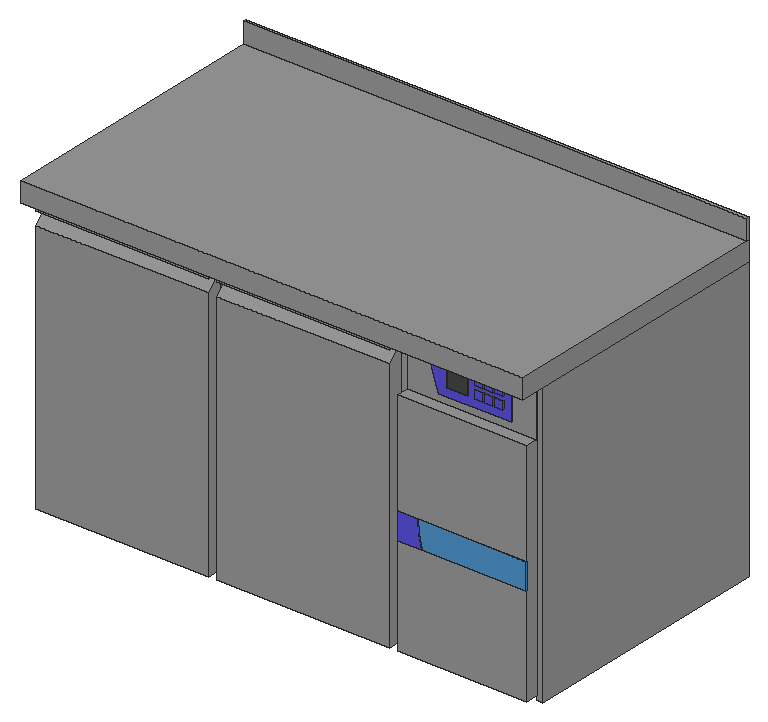
Revit family "Kühltische GN1-1 - Eigen", category Sonderausstattung, Revit 2015
Parameters (values of type "700x1250 2-türig")
  Öffnungstiefe = Korpus Tiefe - Rückwand Stärke - 100 mm  # 470 mm
  Öffnungssymbol Grundriss [instance] = yes
  Watt = 440 W
  Wand unten Stärke = 50 mm  # constant formula
  Wand oben Stärke = 50 mm  # constant formula
  Versatz bei Sockel oder Füße [instance] = if(or(Sockel Strg, Füße Strg), 150 mm, 0 mm)  # 0 mm
  Versatz Tür zu Seitenteil = 20 mm
  Türen Stärke = 50 mm  # constant formula
  Türen Lücke = 20 mm
  Türen Höhe = Korpus Höhe - 20 mm  # 680 mm
  Türen Breite = 430 mm
  Türen Anzahl = 2
  Türen Breite halb = Türen Breite / 2  # 215 mm
  Tür_4 = no
  Tür_3 = no
  Tür_2 = yes
  Tür_1 = yes
  Tür 4 [instance] = Türen 1 : 1-fach
  Tür 3 [instance] = Türen 1 : 1-fach
  Tür 2 [instance] = Türen 1 : 1-fach
  Tür 1 [instance] = Türen 1 : 1-fach
  Tiefe [instance] = if(Deckplatte, Platte Tiefe, Korpus Tiefe + Türen Stärke)  # 700 mm
  Temp. Bereich = "-2°C bis +10°C"
  Spannung = 230 V
  Sockelhöhe = 150 mm  # constant formula
  Sockel Strg [instance] = and(Sockel, Korpus Höhe < 700 mm)  # no
  Sockel [instance] = no
  Seitenwand Stärke = 50 mm  # constant formula
  Seitenteilwand Stärke = 15 mm  # constant formula
  Seitenteil Breite = 320 mm
  Scheinleistung = 0 VA
  Pole = 1
  Platte Tiefe = 700 mm  # constant formula
  Platte Stärke = 50 mm
  Pfosten Tiefe = 50 mm  # constant formula
  Rückwand Stärke = 50 mm  # constant formula
  Pfosten Breite = 100 mm  # constant formula
  Pfosten Anzahl = 1
  Pfosten Abstand = Türen Breite + (Türen Lücke / 2)  # 440 mm
  Pfosten 3 = no
  Pfosten 2 = no
  Pfosten 1 = yes
  Material = Edelstahl AISI 304
  Kältemittel = "R134a"
  Kälteleistung = "380 Watt -10°C VT/+32°C UT"
  Korpus Tiefe = Platte Tiefe - 50 mm - 30 mm  # 620 mm
  Korpus Höhe = 700 mm
  Korpus Breite = Breite - Seitenteil Breite - Seitenteilwand Stärke  # 915 mm
  Kapazität = "2 x 10 x GN1/1"
  Höhe Elektroanschluss = 150 mm
  Höhe [instance] = if(Deckplatte, Korpus Höhe + Versatz bei Sockel oder Füße + Platte Stärke, Korpus Höhe + Versatz bei Sockel oder Füße)  # 750 mm
  Füße Strg [instance] = and(Füße, not(Sockel), Korpus Höhe < 700 mm)  # no
  Füße [instance] = no
  Energieverbrauch = "2,75 kWh/24 h"
  Deckplatte [instance] = yes
  Breite = 1250 mm
  Aufkantung Stärke = 6 mm
  Aufkantung Strg [instance] = and(Deckplatte, Aufkantung)  # yes
  Aufkantung Höhe = 50 mm
  Aufkantung [instance] = yes
  Artnr ohne Platte = "KTM 721170-70"
  Artnr mit Platte und Aufkantung = "KTM 721171-70"
  Artnr mit Platte = "KTM 721172-70"
  Artikelnr. [instance] = if(and(Deckplatte, not(Aufkantung)), Artnr mit Platte, if(and(Deckplatte, Aufkantung), Artnr mit Platte und Aufkantung, Artnr ohne Platte))  # "KTM 721171-70"
  Abstand Logo = (Korpus Höhe - 120 mm) / 2  # 290 mm
  Abstand Display seitlich = 60 mm
Types (24, lengths in mm): name | Watt | Versatz bei Sockel oder Füße | Versatz Tür zu Seitenteil | Türen Lücke | Türen Höhe | Türen Breite | Türen Anzahl | Türen Breite halb | Tür_4 | Tür_3 | Tür_2 | Sockel Strg | Sockel | Seitenteil Breite | Platte Stärke | Pfosten Anzahl | Pfosten Abstand | Pfosten 3 | Pfosten 2 | Pfosten 1 | Kälteleistung | Korpus Höhe | Korpus Breite | Kapazität | Höhe | Energieverbrauch | Breite | Aufkantung Höhe | Artnr ohne Platte | Artnr mit Platte und Aufkantung | Artnr mit Platte | Artikelnr. | Abstand Logo
  435x1250 2-türig | 460 W | 150 | 20 | 20 | 415 | 430 | 2 | 215 | no | no | yes | yes | yes | 320 | 20 | 1 | 440 | no | no | yes | "380 Watt -15°C VT/+32°C UT" | 435 | 915 | "2 x 6 x GN 1/1" | 605 | "2,5 kWh/24 h" | 1250 | 20 | "KTM 721140" | "KTM 721141" | "KTM 721142" | "KTM 721141" | 157.5
  435x1400 2-türig | 460 W | 150 | 20 | 20 | 415 | 505 | 2 | 252.5 | no | no | yes | yes | yes | 320 | 20 | 1 | 515 | no | no | yes | "380 Watt -15°C VT/+32°C UT" | 435 | 1065 | "2 x 6 x GN 1/1" | 605 | "2,5 kWh/24 h" | 1400 | 20 | "KTM 721140-C" | "KTM 721141-C" | "KTM 721142-C\r\nKTM 721142-C" | "KTM 721141-C" | 157.5
  435x1725 3-türig | 460 W | 150 | 25 | 30 | 415 | 430 | 3 | 215 | no | yes | yes | yes | yes | 320 | 20 | 2 | 445 | no | yes | yes | "380 Watt -15°C VT/+32°C UT" | 435 | 1390 | "3 x 6 x GN 1/1" | 605 | "3,0 kWh/24 h" | 1725 | 20 | "KTM 731140" | "KTM 731141" | "KTM 731142" | "KTM 731141" | 157.5
  435x1800 3-türig | 460 W | 150 | 25 | 30 | 415 | 455 | 3 | 227.5 | no | yes | yes | yes | yes | 320 | 20 | 2 | 470 | no | yes | yes | "380 Watt -15°C VT/+32°C UT" | 435 | 1465 | "3 x 6 x GN 1/1" | 605 | "3,0 kWh/24 h" | 1800 | 20 | "KTM 731140-C" | "KTM 731141-C" | "KTM 731142-C" | "KTM 731141-C" | 157.5
  650x790 1-türig | 440 W | 150 | 40 | 20 | 630 | 390 | 1 | 195 | no | no | no | yes | yes | 330 | 50 | 0 | 400 | no | no | no | "380 Watt -15°C VT/+32°C UT" | 650 | 445 | "1 x 9 x GN1/1" | 850 | "2,5 kWh/24 h" | 790 | 50 | "KTM 711160" | "KTM 711161" | "KTM 711162" | "KTM 711161" | 265
  650x1250 2-türig | 440 W | 150 | 20 | 20 | 630 | 430 | 2 | 215 | no | no | yes | yes | yes | 320 | 50 | 1 | 440 | no | no | yes | "380 Watt -10°C VT/+32°C UT" | 650 | 915 | "2 x 9 x GN1/1" | 850 | "2,7 kWh/24 h" | 1250 | 50 | "KTM 721160" | "KTM 721161" | "KTM 721162" | "KTM 721161" | 265
  650x1725 3-türig | 460 W | 150 | 25 | 30 | 630 | 430 | 3 | 215 | no | yes | yes | yes | yes | 320 | 50 | 2 | 445 | no | yes | yes | "380 Watt -15°C VT/+32°C UT" | 650 | 1390 | "3 x 9 x GN1/1" | 850 | "3,2 kWh/24 h" | 1725 | 50 | "KTM 731160" | "KTM 731161" | "KTM 731162\r\nKTM 731162" | "KTM 731161" | 265
  650x2195 4-türig | 480 W | 150 | 35 | 30 | 630 | 430 | 4 | 215 | yes | yes | yes | yes | yes | 320 | 50 | 3 | 445 | yes | yes | yes | "380 Watt -15°C VT/+32°C UT" | 650 | 1860 | "4 x 9 x GN1/1" | 850 | "3,5 kWh/24 h" | 2195 | 50 | "KTM 741160" | "KTM 741161" | "KTM 741162" | "KTM 741161" | 265
  700x790 1-türig | 440 W | 0 | 40 | 20 | 680 | 390 | 1 | 195 | no | no | no | no | no | 330 | 50 | 0 | 400 | no | no | no | "380 Watt -15°C VT/+32°C UT" | 700 | 445 | "1 x 10 x GN1/1" | 750 | "2,55 kWh/24 h" | 790 | 50 | "KTM 711170-70" | "KTM 711171-70" | "KTM 711172-70" | "KTM 711171-70" | 290
  700x1250 2-türig | 440 W | 0 | 20 | 20 | 680 | 430 | 2 | 215 | no | no | yes | no | no | 320 | 50 | 1 | 440 | no | no | yes | "380 Watt -10°C VT/+32°C UT" | 700 | 915 | "2 x 10 x GN1/1" | 750 | "2,75 kWh/24 h" | 1250 | 50 | "KTM 721170-70" | "KTM 721171-70" | "KTM 721172-70" | "KTM 721171-70" | 290
  700x1725 3-türig | 460 W | 0 | 25 | 30 | 680 | 430 | 3 | 215 | no | yes | yes | no | no | 320 | 50 | 2 | 445 | no | yes | yes | "380 Watt -15°C VT/+32°C UT" | 700 | 1390 | "3 x 10 x GN1/1" | 750 | "3,25 kWh/24 h" | 1725 | 50 | "KTM 731170-70" | "KTM 731171-70" | "KTM 731172-70" | "KTM 731171-70" | 290
  700x2195 4-türig | 480 W | 0 | 35 | 30 | 680 | 430 | 4 | 215 | yes | yes | yes | no | no | 320 | 50 | 3 | 445 | yes | yes | yes | "380 Watt -15°C VT/+32°C UT" | 700 | 1860 | "4 x 10 x GN1/1" | 750 | "3,55 kWh/24 h" | 2195 | 50 | "KTM 741170-70" | "KTM 741171-70" | "KTM 741172-70" | "KTM 741171-70" | 290
  710x790 1-türig | 440 W | 0 | 40 | 20 | 690 | 390 | 1 | 195 | no | no | no | no | no | 330 | 50 | 0 | 400 | no | no | no | "380 Watt -15°C VT/+32°C UT" | 710 | 445 | "1 x 10 x GN1/1" | 760 | "2,55 kWh/24 h" | 790 | 50 | "KTM 711170-71" | "KTM 711171-71" | "KTM 711172-71" | "KTM 711171-71" | 295
  710x1250 2-türig | 440 W | 0 | 20 | 20 | 690 | 430 | 2 | 215 | no | no | yes | no | no | 320 | 50 | 1 | 440 | no | no | yes | "380 Watt -10°C VT/+32°C UT" | 710 | 915 | "2 x 10 x GN1/1" | 760 | "2,75 kWh/24 h" | 1250 | 50 | "KTM 721170-71" | "KTM 721171-71" | "KTM 721172-71" | "KTM 721171-71" | 295
  710x1725 3-türig | 460 W | 0 | 25 | 30 | 690 | 430 | 3 | 215 | no | yes | yes | no | no | 320 | 50 | 2 | 445 | no | yes | yes | "380 Watt -15°C VT/+32°C UT" | 710 | 1390 | "3 x 10 x GN1/1" | 760 | "3,25 kWh/24 h" | 1725 | 50 | "KTM 731170-71" | "KTM 731171-71" | "KTM 731172-71" | "KTM 731171-71" | 295
  710x2195 4-türig | 480 W | 0 | 35 | 30 | 690 | 430 | 4 | 215 | yes | yes | yes | no | no | 320 | 50 | 3 | 445 | yes | yes | yes | "380 Watt -15°C VT/+32°C UT" | 710 | 1860 | "4 x 10 x GN1/1" | 760 | "3,55 kWh/24 h" | 2195 | 50 | "KTM 741170-71" | "KTM 741171-71" | "KTM 741172-71" | "KTM 741171-71" | 295
  750x2195 4-türig | 480 W | 0 | 35 | 30 | 730 | 430 | 4 | 215 | yes | yes | yes | no | no | 320 | 50 | 3 | 445 | yes | yes | yes | "380 Watt -15°C VT/+32°C UT" | 750 | 1860 | "4 x 11 x GN1/1" | 800 | "3,6 kWh/24 h" | 2195 | 50 | "KTM 741170" | "KTM 741171" | "KTM 741172" | "KTM 741171" | 315
  750x790 1-türig | 440 W | 0 | 40 | 20 | 730 | 390 | 1 | 195 | no | no | no | no | no | 330 | 50 | 0 | 400 | no | no | no | "380 Watt -15°C VT/+32°C UT" | 750 | 445 | "1 x 11 x GN1/1" | 800 | "2,6 kWh/24 h" | 790 | 50 | "KTM 711170" | "KTM 711171" | "KTM 711172" | "KTM 711171" | 315
  750x1725 3-türig | 460 W | 0 | 25 | 30 | 730 | 430 | 3 | 215 | no | yes | yes | no | no | 320 | 50 | 2 | 445 | no | yes | yes | "380 Watt -15°C VT/+32°C UT" | 750 | 1390 | "3 x 11 x GN1/1" | 800 | "3,3 kWh/24 h" | 1725 | 50 | "KTM 731170" | "KTM 731171" | "KTM 731172" | "KTM 731171" | 315
  750x1250 2-türig | 440 W | 0 | 20 | 20 | 730 | 430 | 2 | 215 | no | no | yes | no | no | 320 | 50 | 1 | 440 | no | no | yes | "380 Watt -10°C VT/+32°C UT" | 750 | 915 | "2 x 11 x GN1/1" | 800 | "2,8 kWh/24 h" | 1250 | 50 | "KTM 721170" | "KTM 721171" | "KTM 721172" | "KTM 721171" | 315
  760x790 1-türig | 440 W | 0 | 40 | 20 | 740 | 390 | 1 | 195 | no | no | no | no | no | 330 | 50 | 0 | 400 | no | no | no | "380 Watt -15°C VT/+32°C UT" | 760 | 445 | "1 x 11 x GN1/1" | 810 | "2,6 kWh/24 h" | 790 | 50 | "KTM 711170-76" | "KTM 711171-76" | "KTM 711172-76" | "KTM 711171-76" | 320
  760x1250 2-türig | 440 W | 0 | 20 | 20 | 740 | 430 | 2 | 215 | no | no | yes | no | no | 320 | 50 | 1 | 440 | no | no | yes | "380 Watt -10°C VT/+32°C UT" | 760 | 915 | "2 x 11 x GN1/1" | 810 | "2,8 kWh/24 h" | 1250 | 50 | "KTM 721170-76" | "KTM 721171-76" | "KTM 721172-76" | "KTM 721171-76" | 320
  760x1725 3-türig | 460 W | 0 | 25 | 30 | 740 | 430 | 3 | 215 | no | yes | yes | no | no | 320 | 50 | 2 | 445 | no | yes | yes | "380 Watt -15°C VT/+32°C UT" | 760 | 1390 | "3 x 11 x GN1/1" | 810 | "3,3 kWh/24 h" | 1725 | 50 | "KTM 731170-76" | "KTM 731171-76" | "KTM 731172-76" | "KTM 731171-76" | 320
  760x2195 4-türig | 480 W | 0 | 35 | 30 | 740 | 430 | 4 | 215 | yes | yes | yes | no | no | 320 | 50 | 3 | 445 | yes | yes | yes | "380 Watt -15°C VT/+32°C UT" | 760 | 1860 | "4 x 11 x GN1/1" | 810 | "3,6 kWh/24 h" | 2195 | 50 | "KTM 741170-76" | "KTM 741171-76" | "KTM 741172-76" | "KTM 741171-76" | 320
Reference planes
  plane 1 "Mitte (Vorne/Hinten)": y = 0
  plane 2: z = 0
  plane 3 "Mitte (Links/Rechts)": x = 0
  plane 4: x = -15
  plane 5: x = -335
  plane 6: x = -385
  plane 7: x = -745
  plane 8: x = -795
  plane 9: x = -845
  plane 10: x = -1195
  plane 11: x = -1245
  plane 12: x = -1295
  plane 13: x = -1645
  plane 14: x = -1695
  plane 15: x = -1745
  plane 16: x = -1200
  plane 17 "SR": x = -1250
  plane 18: y = -50
  plane 19: y = -570
  plane 20: y = -620
  plane 21 "Korpus unten": z = 0
  plane 22: z = 50
  plane 23: z = 650
  plane 24: z = 700
  plane 25: z = 750
  plane 26: z = 800
  plane 27: z = 150
  plane 28 "Türen": z = 10
  plane 29: z = 580
  plane 30: y = -15
  plane 31: y = -700
  plane 32: x = -1235
  plane 33: x = -355
  plane 34: y = -6
  plane 35: x = -1920
  plane 36: x = -1470
  plane 37: x = -1020
  plane 38: x = -570
  plane 39 "Display": y = -640
  plane 40 "Logo": y = -670
  plane 41: x = -228
  plane 42: y = -120
  plane 43: z = 322.5
  plane 44: z = 257.5
  plane 45: z = 290
  plane 46: x = -785
  plane 47: x = -1235
  plane 48: x = -1685
  plane 49: x = -805
  plane 50: x = -1255
  plane 51: x = -1705
  plane 52: x = -1170
  plane 53: y = -80
  plane 54: y = -578
  plane 55: x = -373
  plane 56 "Elektro": z = 150
Forms (mm)
  Extrusion 1, solid, material "Edelstahl AISI 304" <- "Material", visible <- "Pfosten 3", detail levels fine
    sketch origin (0, 0, 0) x (1, 0, 0) y (0, 1, 0)
      loop
        line (-1745, -570) -> (-1745, -620) -> (-1645, -620) -> (-1645, -570) -> (-1745, -570)
    from 50 to 650
  Extrusion 2, solid, material "Edelstahl AISI 304" <- "Material", visible <- "Pfosten 2", detail levels fine
    sketch origin (0, 0, 0) x (1, 0, 0) y (0, 1, 0)
      loop
        line (-1295, -620) -> (-1195, -620) -> (-1195, -570) -> (-1295, -570) -> (-1295, -620)
    from 50 to 650
  Extrusion 3, solid, material "Edelstahl AISI 304" <- "Material", visible <- "Pfosten 1", detail levels fine
    sketch origin (0, 0, 0) x (1, 0, 0) y (0, 1, 0)
      loop
        line (-845, -620) -> (-745, -620) -> (-745, -570) -> (-845, -570) -> (-845, -620)
    from 50 to 650
  Extrusion 4, solid, material "Edelstahl AISI 304" <- "Material", detail levels fine
    sketch origin (0, 0, 0) x (1, 0, 0) y (0, 0, 1)
      loop
        line (-335, 0) -> (-335, 700) -> (-1250, 700) -> (-1250, 0) -> (-335, 0)
      loop
        line (-1200, 650) -> (-1200, 50) -> (-385, 50) -> (-385, 650) -> (-1200, 650)
    from 0 to 620
  Extrusion 5, solid, material "Edelstahl AISI 304" <- "Material", detail levels fine
    sketch origin (0, 0, 0) x (1, 0, 0) y (0, 0, 1)
      loop
        line (-1200, 650) -> (-1200, 50) -> (-385, 50) -> (-385, 650) -> (-1200, 650)
    from 0 to 50
  Extrusion 6, solid, material "Edelstahl AISI 304" <- "Material", visible <- "Füße Strg", detail levels medium+fine
    sketch origin (0, 0, 0) x (1, 0, 0) y (0, 1, 0)
      loop
        circle (-1170, -80) r 20
      loop
        circle (-1170, -578) r 20
      loop
        circle (-373, -578) r 20
      loop
        circle (-373, -80) r 20
    from 0 to 150
  Extrusion 7, solid, visible <- "Sockel Strg", detail levels medium+fine
    sketch origin (0, 0, 0) x (1, 0, 0) y (0, 1, 0)
      loop
        line (-1250, 0) -> (-1250, -620) -> (0, -620) -> (0, 0) -> (-1250, 0)
    from 0 to 150
  Extrusion 8, solid, material "Edelstahl AISI 304" <- "Material", detail levels medium+fine
    sketch origin (0, 0, 0) x (1, 0, 0) y (0, 1, 0)
      loop
        line (-335, 0) -> (-335, -620) -> (-15, -620) -> (-15, 0) -> (-335, 0)
    from 0 to 700
  Extrusion 9, solid, material "Edelstahl AISI 304" <- "Material", detail levels medium+fine
    sketch origin (0, 0, 0) x (1, 0, 0) y (0, 1, 0)
      loop
        line (-15, 0) -> (-15, -640) -> (0, -640) -> (0, 0) -> (-15, 0)
    from 0 to 700
  Extrusion 10, solid, material "Edelstahl AISI 304" <- "Material", visible <- "Deckplatte", detail levels medium+fine
    sketch origin (0, 0, 0) x (1, 0, 0) y (0, 1, 0)
      loop
        line (-1250, 0) -> (-1250, -700) -> (0, -700) -> (0, 0) -> (-1250, 0)
    from 700 to 750
  Extrusion 11, solid, material "Edelstahl AISI 304" <- "Material", visible <- "Aufkantung Strg", detail levels fine
    sketch origin (0, 0, 0) x (1, 0, 0) y (0, 1, 0)
      loop
        line (-1250, 0) -> (-1250, -6) -> (0, -6) -> (0, 0) -> (-1250, 0)
    from 750 to 800
  Extrusion 12, solid, material "Edelstahl AISI 304" <- "Material", detail levels medium+fine
    sketch origin (0, 0, 0) x (1, 0, 0) y (0, 0, 1)
      loop
        line (-15, 10) -> (-15, 580) -> (-335, 580) -> (-335, 10) -> (-15, 10)
    from 620 to 670
  Extrusion 13, solid, material "Edelstahl AISI 304" <- "Material", detail levels medium+fine
    sketch origin (0, 0, 0) x (1, 0, 0) y (0, 0, 1)
      loop
        line (-335, 700) -> (-335, 580) -> (-15, 580) -> (-15, 700) -> (-335, 700)
    from 620 to 640
  Extrusion 14, solid, material "Logo Blau Dunkel", detail levels fine
    sketch origin (0, -640, 0) x (-1, 0, 0) y (0, 0, 1)
      loop
        line (275, 680) -> (75, 680) -> (75, 600) -> (255, 600)
        arc (255, 600) -> (269.844, 638.789) -> (275, 680) r 172.745
      loop
        line (235, 670) -> (185, 670) -> (185, 620) -> (235, 620) -> (235, 670)
      loop
        line (165, 670) -> (145, 670) -> (145, 650) -> (165, 650) -> (165, 670)
      loop
        line (140, 670) -> (120, 670) -> (120, 650) -> (140, 650) -> (140, 670)
      loop
        line (115, 670) -> (95, 670) -> (95, 650) -> (115, 650) -> (115, 670)
      loop
        line (165, 620) -> (165, 640) -> (145, 640) -> (145, 620) -> (165, 620)
      loop
        line (140, 620) -> (140, 640) -> (120, 640) -> (120, 620) -> (140, 620)
      loop
        line (115, 620) -> (115, 640) -> (95, 640) -> (95, 620) -> (115, 620)
    from 0 to -2
  Extrusion 15, solid, material "Logo Blau Hell", detail levels fine
    sketch origin (0, -670, 0) x (-1, 0, 0) y (0, 0, 1)
      loop
        line (285, 322.5) -> (15, 322.5) -> (15, 257.5) -> (275, 257.5)
        arc (275, 257.5) -> (282.724, 289.581) -> (285, 322.5) r 197.504
    from 0 to -2
  Extrusion 16, solid, material "Logo Blau Dunkel", detail levels fine
    sketch origin (0, -670, 0) x (-1, 0, 0) y (0, 0, 1)
      loop
        line (275, 257.5) -> (335, 257.5) -> (335, 322.5) -> (285, 322.5)
        arc (285, 322.5) -> (282.724, 289.581) -> (275, 257.5) r 197.504
    from 0 to -2
  Extrusion 17, solid, not visible
    sketch origin (0, 0, 150) x (0, -1, 0) y (1, 0, 0)
      loop
        circle (120, -228) r 20
    from 0 to 2
  Extrusion 18, solid, material "Display", detail levels fine
    sketch origin (0, -640, 0) x (-1, 0, 0) y (0, 0, 1)
      loop
        line (235, 670) -> (185, 670) -> (185, 620) -> (235, 620) -> (235, 670)
    from 0 to -2
  Extrusion 19, solid, material "Knöpfe", detail levels fine
    sketch origin (0, -640, 0) x (-1, 0, 0) y (0, 0, 1)
      loop
        line (165, 670) -> (145, 670) -> (145, 650) -> (165, 650) -> (165, 670)
      loop
        line (165, 640) -> (145, 640) -> (145, 620) -> (165, 620) -> (165, 640)
      loop
        line (140, 620) -> (140, 640) -> (120, 640) -> (120, 620) -> (140, 620)
      loop
        line (140, 650) -> (140, 670) -> (120, 670) -> (120, 650) -> (140, 650)
      loop
        line (115, 670) -> (95, 670) -> (95, 650) -> (115, 650) -> (115, 670)
      loop
        line (115, 640) -> (95, 640) -> (95, 620) -> (115, 620) -> (115, 640)
    from 0 to -3
  Extrusion 20, solid, material "Edelstahl AISI 304" <- "Material", detail levels medium
    sketch origin (0, 0, 0) x (-1, 0, 0) y (0, -1, 0)
      loop
        line (1250, 0) -> (1250, 620) -> (335, 620) -> (335, 0) -> (1250, 0)
    from 700 to -2
  Extrusion 21, solid, material "Edelstahl AISI 304" <- "Material", detail levels coarse
    sketch origin (0, 0, 0) x (1, 0, 0) y (0, 1, 0)
      loop
        line (-1250, 0) -> (-1250, -700) -> (0, -700) -> (0, 0) -> (-1250, 0)
    from 750 to -2
Dimensions and locks
  "Rückwand Stärke": plane 18 to plane 1 "Mitte (Vorne/Hinten)"
  "Pfosten Tiefe": plane 19 to plane 20
  "Korpus Tiefe": plane 20 to plane 1 "Mitte (Vorne/Hinten)"
  "Seitenwand Stärke": plane 5 to plane 6
  "Seitenwand Stärke": plane 16 to plane 17 "SR"
  "Seitenteilwand Stärke": plane 3 "Mitte (Links/Rechts)" to plane 4
  "Seitenteil Breite": plane 4 to plane 5
  "Breite": plane 3 "Mitte (Links/Rechts)" to plane 17 "SR"
  "Wand unten Stärke": plane 22 to plane 21 "Korpus unten"
  "Aufkantung Höhe": plane 26 to plane 25
  "Platte Stärke": plane 25 to plane 24
  "Wand oben Stärke": plane 24 to plane 23
  "Korpus Höhe": plane 24 to plane 21 "Korpus unten"
  "Versatz bei Sockel oder Füße": plane 21 "Korpus unten" to level
  "Sockelhöhe": plane 27 to level
  locked: plane 28 "Türen" to plane 21 "Korpus unten" at 10
  locked: plane 24 to plane 29 at 120
  "Seitenteilwand Stärke": plane 30 to plane 1 "Mitte (Vorne/Hinten)"
  "Platte Tiefe": plane 31 to plane 1 "Mitte (Vorne/Hinten)"
  locked: plane 32 to plane 17 "SR" at 15
  "Versatz Tür zu Seitenteil": plane 5 to plane 33
  "Aufkantung Stärke": plane 34 to plane 1 "Mitte (Vorne/Hinten)"
  locked: plane 20 to plane 39 "Display" at 20
  "Türen Stärke": plane 20 to plane 40 "Logo"
  locked: plane 41 to plane 3 "Mitte (Links/Rechts)" at 228
  locked: plane 24 to Extrusion 14 sketch curve at 20
  locked: Extrusion 14 sketch curve to plane 29 at 20
  locked: Extrusion 14 sketch curve to Extrusion 14 sketch curve at 10
  locked: Extrusion 14 sketch curve to Extrusion 14 sketch curve at 20  (x3)
  locked: plane 43 to plane 44 at 65
  "Abstand Logo": plane 29 to plane 45
  locked: Extrusion 15 sketch curve to plane 5 at 50
  locked: Extrusion 15 sketch curve to plane 5 at 60
  equal spacing: plane 43, plane 45, plane 44
  plane 29 to plane 43 = 257.5 mm
  "Türen Breite halb": plane 33 to plane 38
  "Türen Lücke": plane 46 to plane 49
  "Türen Lücke": plane 47 to plane 50
  "Türen Lücke": plane 48 to plane 51
  "Türen Breite halb": plane 49 to plane 37
  "Türen Breite halb": plane 50 to plane 36
  "Türen Breite halb": plane 51 to plane 35
  "Türen Breite": plane 33 to plane 46
  "Türen Breite": plane 49 to plane 47
  "Türen Breite": plane 50 to plane 48
  equal spacing: plane 7, plane 8, plane 9
  equal spacing: plane 10, plane 11, plane 12
  equal spacing: plane 13, plane 14, plane 15
  "Pfosten Breite": plane 13 to plane 15
  "Pfosten Breite": plane 10 to plane 12
  "Pfosten Breite": plane 7 to plane 9
  "Pfosten Abstand": plane 33 to plane 8
  "Pfosten Abstand": plane 49 to plane 11
  "Pfosten Abstand": plane 50 to plane 14
  "Abstand Display seitlich": plane 4 to Extrusion 14 sketch curve
  locked: Extrusion 14 sketch curve to Extrusion 14 sketch curve at 200
  locked: Extrusion 14 sketch curve to Extrusion 14 sketch curve at 180
  Extrusion 14 sketch curve to Extrusion 14 sketch curve to Extrusion 14 sketch curve to Extrusion 14 sketch curve to Extrusion 14 sketch curve to Extrusion 14 sketch curve to Extrusion 14 sketch curve to Extrusion 14 sketch curve to Extrusion 14 sketch curve = 50 mm locked, 20 mm locked, 20 mm locked, 5 mm locked, 20 mm locked, 5 mm locked, 20 mm locked, 20 mm locked
  locked: plane 42 to plane 1 "Mitte (Vorne/Hinten)" at 120
  locked: plane 17 "SR" to plane 52 at 80
  locked: plane 53 to plane 1 "Mitte (Vorne/Hinten)" at 80
  locked: plane 54 to plane 20 at 42
  locked: plane 55 to plane 3 "Mitte (Links/Rechts)" at 373
  "Höhe Elektroanschluss": plane 56 "Elektro" to level
  aligned and locked: level to plane 2
  aligned and locked: plane 23 to Extrusion 3
  aligned and locked: plane 23 to Extrusion 1
  aligned and locked: plane 23 to Extrusion 2
  aligned and locked: Extrusion 4 to plane 20
  aligned and locked: Extrusion 3 to plane 22
  aligned and locked: Extrusion 2 to plane 22
  aligned and locked: Extrusion 1 to plane 22
  aligned and locked: Extrusion 5 to plane 18
  aligned and locked: plane 27 to Extrusion 6
  aligned and locked: plane 27 to Extrusion 7
  aligned and locked: plane 24 to Extrusion 8
  aligned and locked: Extrusion 8 to plane 21 "Korpus unten"
  aligned and locked: plane 24 to Extrusion 9
  aligned and locked: Extrusion 9 to plane 21 "Korpus unten"
  aligned and locked: plane 25 to Extrusion 10
  aligned and locked: Extrusion 10 to plane 24
  aligned and locked: plane 26 to Extrusion 11
  aligned and locked: Extrusion 11 to plane 25
  aligned and locked: plane 20 to Extrusion 12
  aligned and locked: plane 20 to Extrusion 13
  aligned and locked: Extrusion 13 to plane 39 "Display"
  aligned and locked: plane 39 "Display" to Extrusion 9 sketch curve
  aligned and locked: plane 4 to Extrusion 9 sketch curve
  aligned and locked: Extrusion 9 sketch curve to plane 3 "Mitte (Links/Rechts)"
  aligned and locked: plane 1 "Mitte (Vorne/Hinten)" to Extrusion 9 sketch curve
  aligned and locked: plane 35 to nested 4
  aligned and locked: nested 3 to plane 36
  aligned and locked: plane 37 to nested 2
  aligned and locked: plane 38 to nested 1
  aligned and locked: nested 1 to plane 28 "Türen"
  aligned and locked: nested 2 to plane 28 "Türen"
  aligned and locked: nested 3 to plane 28 "Türen"
  aligned and locked: nested 4 to plane 28 "Türen"
  aligned and locked: nested 4 to plane 20
  aligned and locked: nested 3 to plane 20
  aligned and locked: nested 2 to plane 20
  aligned and locked: nested 1 to plane 20
  aligned and locked: plane 28 "Türen" to Extrusion 12 sketch curve
  aligned and locked: plane 5 to Extrusion 12 sketch curve
  aligned and locked: Extrusion 12 sketch curve to plane 4
  aligned and locked: plane 29 to Extrusion 12 sketch curve
  aligned and locked: Extrusion 11 sketch curve to plane 34
  aligned and locked: nested 1 to Extrusion 12
  aligned and locked: Extrusion 14 sketch curve to Extrusion 14 sketch curve  (x16)
  aligned and locked: Extrusion 15 sketch curve to plane 4
  aligned and locked: Extrusion 16 sketch curve to Extrusion 15
  aligned and locked: plane 44 to Extrusion 16 sketch curve
  aligned and locked: plane 43 to Extrusion 16 sketch curve
  aligned and locked: plane 5 to Extrusion 16 sketch curve
  aligned and locked: Extrusion 18 sketch curve to Extrusion 14  (x4)
  aligned and locked: Extrusion 19 sketch curve to Extrusion 14  (x24)
  aligned and locked: plane 24 to Extrusion 20
  aligned and locked: plane 25 to Extrusion 21
  aligned and locked: plane 20 to Extrusion 20 sketch curve
  aligned and locked: Extrusion 20 sketch curve to plane 5
  aligned and locked: plane 1 "Mitte (Vorne/Hinten)" to Extrusion 20 sketch curve
  aligned and locked: plane 17 "SR" to Extrusion 20 sketch curve
Automatic sketch dimensions
  Extrusion 10 sketch curve to plane 17 "SR" = 0 mm
  Extrusion 10 sketch curve to plane 3 "Mitte (Links/Rechts)" = 0 mm
  Extrusion 10 sketch curve to plane 31 = 0 mm
  plane 1 "Mitte (Vorne/Hinten)" to Extrusion 10 sketch curve = 0 mm
  Extrusion 11 sketch curve to plane 17 "SR" = 0 mm
  Extrusion 11 sketch curve to plane 3 "Mitte (Links/Rechts)" = 0 mm
  plane 1 "Mitte (Vorne/Hinten)" to Extrusion 11 sketch curve = 0 mm
  Extrusion 15 sketch curve to plane 44 = 0 mm
  Extrusion 15 sketch curve to plane 43 = 0 mm
  Extrusion 15 sketch curve to plane 43 = 2.887 mm
  Extrusion 1 sketch curve to plane 15 = 0 mm
  Extrusion 1 sketch curve to plane 13 = 0 mm
  Extrusion 1 sketch curve to plane 20 = 0 mm
  Extrusion 1 sketch curve to plane 19 = 0 mm
  Extrusion 2 sketch curve to plane 12 = 0 mm
  Extrusion 2 sketch curve to plane 10 = 0 mm
  Extrusion 2 sketch curve to plane 20 = 0 mm
  Extrusion 2 sketch curve to plane 19 = 0 mm
  Extrusion 3 sketch curve to plane 9 = 0 mm
  Extrusion 3 sketch curve to plane 7 = 0 mm
  Extrusion 3 sketch curve to plane 20 = 0 mm
  Extrusion 3 sketch curve to plane 19 = 0 mm
  Extrusion 4 sketch curve to plane 17 "SR" = 0 mm
  Extrusion 4 sketch curve to plane 16 = 0 mm
  Extrusion 4 sketch curve to plane 6 = 0 mm
  Extrusion 4 sketch curve to plane 5 = 0 mm
  Extrusion 4 sketch curve to plane 21 "Korpus unten" = 0 mm
  Extrusion 4 sketch curve to plane 22 = 0 mm
  Extrusion 4 sketch curve to plane 23 = 0 mm
  Extrusion 4 sketch curve to plane 24 = 0 mm
  Extrusion 5 sketch curve to plane 16 = 0 mm
  Extrusion 5 sketch curve to plane 6 = 0 mm
  Extrusion 5 sketch curve to plane 22 = 0 mm
  Extrusion 5 sketch curve to plane 23 = 0 mm
  Extrusion 7 sketch curve to plane 17 "SR" = 0 mm
  Extrusion 7 sketch curve to plane 3 "Mitte (Links/Rechts)" = 0 mm
  Extrusion 7 sketch curve to plane 20 = 0 mm
  plane 1 "Mitte (Vorne/Hinten)" to Extrusion 7 sketch curve = 0 mm
  Extrusion 8 sketch curve to plane 5 = 0 mm
  Extrusion 8 sketch curve to plane 4 = 0 mm
  Extrusion 8 sketch curve to plane 20 = 0 mm
  plane 1 "Mitte (Vorne/Hinten)" to Extrusion 8 sketch curve = 0 mm
  Extrusion 13 sketch curve to plane 5 = 0 mm
  Extrusion 13 sketch curve to plane 4 = 0 mm
  Extrusion 13 sketch curve to plane 29 = 0 mm
  Extrusion 13 sketch curve to plane 24 = 0 mm
  Extrusion 6 sketch curve to plane 52 = 0 mm  (x2)
  plane 53 to Extrusion 6 sketch curve = 0 mm  (x2)
  Extrusion 6 sketch curve to plane 55 = 0 mm  (x2)
  Extrusion 6 sketch curve to plane 54 = 0 mm  (x2)
  Extrusion 17 sketch curve to plane 41 = 0 mm
  Extrusion 17 sketch curve to plane 42 = 0 mm
  Extrusion 21 sketch curve to plane 17 "SR" = 0 mm
  Extrusion 21 sketch curve to plane 3 "Mitte (Links/Rechts)" = 0 mm
  Extrusion 21 sketch curve to plane 31 = 0 mm
  plane 1 "Mitte (Vorne/Hinten)" to Extrusion 21 sketch curve = 0 mm
  Extrusion 14 sketch curve to Extrusion 14 sketch curve = 7.257 mm
  radius of Extrusion 6 sketch curve = 20 mm  (x4)
  radius of Extrusion 17 sketch curve = 20 mm
Nested families
  nested 1: "Türen 1" at (-570, -620, 10), Tür Höhe <- "Türen Höhe", Tür Breite <- "Türen Breite", visible <- "Tür_1", type <- "Tür 1", type "1-fach"
    with Tür Höhe 3 von 3 219.667 mm, Tür Höhe 2 von 3 219.667 mm, Tür Höhe 2 von 2 ungleich 450.333 mm, Tür Höhe 2 von 2 gleich 335 mm, Tür Höhe 1 von 3 219.667 mm, Tür Höhe 1 von 2 ungleich 219.667 mm, Tür Höhe 1 von 2 gleich 335 mm, Tür Höhe 680 mm, Tür Breite 430 mm, Lücke 2 10 mm, Lücke 1 10.5 mm, Öffnungstiefe 470 mm
  nested 2: "Türen 1" at (-1020, -620, 10), Tür Höhe <- "Türen Höhe", Tür Breite <- "Türen Breite", visible <- "Tür_2", type <- "Tür 2", type "1-fach"
    with Tür Höhe 3 von 3 219.667 mm, Tür Höhe 2 von 3 219.667 mm, Tür Höhe 2 von 2 ungleich 450.333 mm, Tür Höhe 2 von 2 gleich 335 mm, Tür Höhe 1 von 3 219.667 mm, Tür Höhe 1 von 2 ungleich 219.667 mm, Tür Höhe 1 von 2 gleich 335 mm, Tür Höhe 680 mm, Tür Breite 430 mm, Lücke 2 10 mm, Lücke 1 10.5 mm, Öffnungstiefe 470 mm
  nested 3: "Türen 1" at (-1470, -620, 10), Tür Höhe <- "Türen Höhe", Tür Breite <- "Türen Breite", visible <- "Tür_3", type <- "Tür 3", type "1-fach"
    with Tür Höhe 3 von 3 219.667 mm, Tür Höhe 2 von 3 219.667 mm, Tür Höhe 2 von 2 ungleich 450.333 mm, Tür Höhe 2 von 2 gleich 335 mm, Tür Höhe 1 von 3 219.667 mm, Tür Höhe 1 von 2 ungleich 219.667 mm, Tür Höhe 1 von 2 gleich 335 mm, Tür Höhe 680 mm, Tür Breite 430 mm, Lücke 2 10 mm, Lücke 1 10.5 mm, Öffnungstiefe 470 mm
  nested 4: "Türen 1" at (-1920, -620, 10), Tür Höhe <- "Türen Höhe", Tür Breite <- "Türen Breite", type <- "Tür 4", visible <- "Tür_4", type "1-fach"
    with Tür Höhe 3 von 3 219.667 mm, Tür Höhe 2 von 3 219.667 mm, Tür Höhe 2 von 2 ungleich 450.333 mm, Tür Höhe 2 von 2 gleich 335 mm, Tür Höhe 1 von 3 219.667 mm, Tür Höhe 1 von 2 ungleich 219.667 mm, Tür Höhe 1 von 2 gleich 335 mm, Tür Höhe 680 mm, Tür Breite 430 mm, Lücke 2 10 mm, Lücke 1 10.5 mm, Öffnungstiefe 470 mm
Connectors
  electrical at (-228, -120, 150), driven by "Spannung", driven by "Scheinleistung", driven by "Pole"
    settings: on Extrusion 17, index 1, voltage 230 V, apparent load 0 VA, apparent load phase1 0 VA, apparent load phase2 0 VA, apparent load phase3 0 VA, power factor 1, load classification "Sonstige", number of poles 1, system type 31, power factor state 1, is connector primary yes, connector utility no, sub classification motor no, connector description ""
Definition of nested family "Türen 1"
  Parameters (values of type "1-fach")
    Öffnungstiefe = 375.348 mm
    Öffnungssymbol Grundriss = yes
    Türflügel Stärke = 35 mm
    Tür Stärke = 50 mm
    Tür Höhe 2 von 2 ungleich [instance] = Tür Höhe - Tür Höhe 1 von 2 ungleich - 10 mm  # 417 mm
    Tür Höhe 2 von 2 gleich [instance] = (Tür Höhe - Lücke 2) / 2  # 309.75 mm
    Tür Höhe 1 von 2 ungleich [instance] = (Tür Höhe - (Lücke 1 * 2)) / 3  # 203 mm
    Tür Höhe 1 von 2 gleich [instance] = (Tür Höhe - Lücke 2) / 2  # 309.75 mm
    Tür Höhe [instance] = 630 mm
    Tür Breite [instance] = 430 mm
    Tür Höhe 3 von 3 [instance] = (Tür Höhe - (Lücke 1 * 2)) / 3  # 203 mm
    Tür Höhe 2 von 3 [instance] = (Tür Höhe - (Lücke 1 * 2)) / 3  # 203 mm
    Tür Höhe 1 von 3 [instance] = (Tür Höhe - (Lücke 1 * 2)) / 3  # 203 mm
    Material = none
    Lücke 2 [instance] = 10.5 mm
    Lücke 1 [instance] = 10.5 mm
    Dichtung Stärke = Tür Stärke - Türflügel Stärke  # 15 mm
    3-fach = no
    2-fach ungleich = no
    2-fach gleich = no
    1-fach = yes
  Types (4, lengths in mm): name | Tür Höhe 2 von 2 gleich | Tür Höhe 1 von 2 gleich | Lücke 2 | 3-fach | 2-fach ungleich | 2-fach gleich | 1-fach
    3-fach gleich | 310 | 310 | 10 | yes | no | no | no
    2-fach ungleich | 310 | 310 | 10 | no | yes | no | no
    2-fach gleich | 310 | 310 | 10 | no | no | yes | no
    1-fach | 309.75 | 309.75 | 10.5 | no | no | no | yes
  Reference planes
    plane 1 "Mitte (Vorne/Hinten)": y = 0
    plane 2: z = 0
    plane 3 "Mitte (Links/Rechts)": x = 0
    plane 4: x = 215
    plane 5: x = -215
    plane 6: y = -50
    plane 7: y = -15
    plane 8: z = 630
    plane 9: z = 417
    plane 10: z = 427
    plane 11: z = 320.25
    plane 12: z = 309.75
    plane 13: z = 427
    plane 14: z = 416.5
    plane 15: z = 213.5
    plane 16: z = 203
    plane 17: y = -425.348
  Forms (mm)
    Extrusion 1, solid, material <- "Material", visible <- "1-fach", detail levels fine
      sketch origin (0, 0, 0) x (0, 1, 0) y (0, 0, 1)
        loop
          line (-50, 0) -> (-15, 0) -> (-15, 630) -> (-50, 630) -> (-50, 615) -> (-48, 615) -> (-48, 628) -> (-17, 628) -> (-17, 615) -> (-50, 582) -> (-50, 0)
      from -215 to 215
    Extrusion 2, solid, material <- "Material", visible <- "2-fach gleich", detail levels fine
      sketch origin (0, 0, 0) x (0, 1, 0) y (0, 0, 1)
        loop
          line (-50, 0) -> (-15, 0) -> (-15, 309.75) -> (-50, 309.75) -> (-50, 294.75) -> (-48, 294.75) -> (-48, 307.75) -> (-17, 307.75) -> (-17, 294.75) -> (-50, 261.75) -> (-50, 0)
        loop
          line (-50, 320.25) -> (-15, 320.25) -> (-15, 630) -> (-50, 630) -> (-50, 615) -> (-48, 615) -> (-48, 628) -> (-17, 628) -> (-17, 615) -> (-50, 582) -> (-50, 320.25)
      from -215 to 215
    Extrusion 3, solid, material <- "Material", visible <- "2-fach ungleich", detail levels fine
      sketch origin (0, 0, 0) x (0, 1, 0) y (0, 0, 1)
        loop
          line (-50, 0) -> (-15, 0) -> (-15, 417) -> (-50, 417) -> (-50, 402) -> (-48, 402) -> (-48, 415) -> (-17, 415) -> (-17, 402) -> (-50, 369) -> (-50, 0)
        loop
          line (-50, 427) -> (-15, 427) -> (-15, 630) -> (-50, 630) -> (-50, 615) -> (-48, 615) -> (-48, 628) -> (-17, 628) -> (-17, 615) -> (-50, 582) -> (-50, 427)
      from -215 to 215
    Extrusion 4, solid, material <- "Material", visible <- "3-fach", detail levels fine
      sketch origin (0, 0, 0) x (0, 1, 0) y (0, 0, 1)
        loop
          line (-50, 0) -> (-15, 0) -> (-15, 203) -> (-50, 203) -> (-50, 188) -> (-48, 188) -> (-48, 201) -> (-17, 201) -> (-17, 188) -> (-50, 155) -> (-50, 0)
        loop
          line (-50, 427) -> (-15, 427) -> (-15, 630) -> (-50, 630) -> (-50, 615) -> (-48, 615) -> (-48, 628) -> (-17, 628) -> (-17, 615) -> (-50, 582) -> (-50, 427)
        loop
          line (-50, 213.5) -> (-15, 213.5) -> (-15, 416.5) -> (-50, 416.5) -> (-50, 401.5) -> (-48, 401.5) -> (-48, 414.5) -> (-17, 414.5) -> (-17, 401.5) -> (-50, 368.5) -> (-50, 213.5)
      from -215 to 215
    Extrusion 5, solid, material <- "Material", visible <- "1-fach", detail levels medium
      sketch origin (0, 0, 0) x (1, 0, 0) y (0, 0, 1)
        loop
          line (-215, 630) -> (-215, 0) -> (215, 0) -> (215, 630) -> (-215, 630)
      from 0 to 50
    Extrusion 6, solid, material <- "Material", visible <- "2-fach gleich", detail levels medium
      sketch origin (0, 0, 0) x (1, 0, 0) y (0, 0, 1)
        loop
          line (-215, 630) -> (-215, 320.25) -> (215, 320.25) -> (215, 630) -> (-215, 630)
        loop
          line (215, 0) -> (215, 309.75) -> (-215, 309.75) -> (-215, 0) -> (215, 0)
      from 0 to 50
    Extrusion 7, solid, material <- "Material", visible <- "2-fach ungleich", detail levels medium
      sketch origin (0, 0, 0) x (1, 0, 0) y (0, 0, 1)
        loop
          line (-215, 630) -> (-215, 427) -> (215, 427) -> (215, 630) -> (-215, 630)
        loop
          line (-215, 0) -> (215, 0) -> (215, 416.5) -> (-215, 416.5) -> (-215, 0)
      from 0 to 50
    Extrusion 8, solid, material <- "Material", visible <- "3-fach", detail levels medium
      sketch origin (0, 0, 0) x (1, 0, 0) y (0, 0, 1)
        loop
          line (-215, 630) -> (-215, 427) -> (215, 427) -> (215, 630) -> (-215, 630)
        loop
          line (-215, 213.5) -> (215, 213.5) -> (215, 416.5) -> (-215, 416.5) -> (-215, 213.5)
        loop
          line (-215, 0) -> (215, 0) -> (215, 203) -> (-215, 203) -> (-215, 0)
      from 0 to 50
  Lines and regions (mm)
    symbolic lines, visible <- "Öffnungssymbol Grundriss"
      curve 1: line (-215, -15, 0) -> (-215, -425.348, 0)
      curve 2: line (-215, -425.348, 0) -> (215, -425.348, 0)
      curve 3: line (215, -425.348, 0) -> (215, -15, 0)
      curve 4: line (0, -100.348, 0) -> (0, -375.348, 0)
      curve 5: line (0, -100.348, 0) -> (24.749, -125.096, 0)
      curve 6: line (0, -100.348, 0) -> (-24.749, -125.096, 0)
      curve 7: line (0, -375.348, 0) -> (24.749, -350.599, 0)
      curve 8: line (0, -375.348, 0) -> (-24.749, -350.599, 0)
  Dimensions and locks
    "Dichtung Stärke": plane 7 to plane 1 "Mitte (Vorne/Hinten)"
    "Tür Stärke": plane 1 "Mitte (Vorne/Hinten)" to plane 6
    "Tür Höhe": plane 8 to level
    equal spacing: plane 4, plane 3 "Mitte (Links/Rechts)", plane 5
    "Tür Breite": plane 4 to plane 5
    locked: Extrusion 1 sketch curve to plane 7 at 2
    locked: plane 6 to Extrusion 1 sketch curve at 2
    locked: plane 8 to Extrusion 1 sketch curve at 2
    locked: plane 8 to Extrusion 1 sketch curve at 15  (x2)
    "Tür Höhe 2 von 2 ungleich": plane 9 to level
    "Tür Höhe 1 von 2 ungleich": plane 8 to plane 10
    "Tür Höhe 1 von 2 gleich": plane 8 to plane 11
    "Tür Höhe 2 von 2 gleich": plane 12 to level
    "Lücke 1": plane 16 to plane 15
    "Lücke 1": plane 13 to plane 14
    "Tür Höhe 1 von 3": plane 8 to plane 13
    "Tür Höhe 3 von 3": plane 16 to level
    "Öffnungstiefe": plane 6 to plane 17
    locked: plane 6 to curve 4 at 50.348
    locked: curve 4 to plane 17 at 50
    locked: Extrusion 1 sketch curve to Extrusion 1 sketch curve (angle 135.00°)
    locked: Extrusion 2 sketch curve to Extrusion 2 sketch curve (angle 135.00°)  (x2)
    locked: Extrusion 3 sketch curve to Extrusion 3 sketch curve (angle 135.00°)  (x2)
    locked: Extrusion 4 sketch curve to Extrusion 4 sketch curve (angle 135.00°)  (x3)
    aligned and locked: level to plane 2
    aligned and locked: Extrusion 1 sketch curve to level
    aligned and locked: Extrusion 1 sketch curve to plane 6  (x2)
    aligned and locked: plane 7 to Extrusion 1 sketch curve
    aligned and locked: plane 8 to Extrusion 1 sketch curve
    aligned and locked: Extrusion 1 to plane 5
    aligned and locked: plane 4 to Extrusion 1
    aligned and locked: plane 12 to Extrusion 2 sketch curve
    aligned and locked: plane 11 to Extrusion 2 sketch curve
    aligned and locked: Extrusion 2 sketch curve to level
    aligned and locked: plane 8 to Extrusion 2 sketch curve
    aligned and locked: Extrusion 2 sketch curve to plane 6  (x3)
    aligned and locked: plane 7 to Extrusion 2 sketch curve  (x2)
    aligned and locked: Extrusion 2 to plane 5
    aligned and locked: plane 4 to Extrusion 2
    aligned and locked: plane 7 to Extrusion 3 sketch curve  (x2)
    aligned and locked: Extrusion 3 sketch curve to plane 6  (x3)
    aligned and locked: Extrusion 4 sketch curve to plane 6  (x3)
    aligned and locked: plane 7 to Extrusion 4 sketch curve  (x2)
    aligned and locked: Extrusion 4 sketch curve to level
    aligned and locked: plane 16 to Extrusion 4 sketch curve
    aligned and locked: plane 14 to Extrusion 4 sketch curve
    aligned and locked: Extrusion 4 sketch curve to plane 15
    aligned and locked: plane 9 to Extrusion 3 sketch curve
    aligned and locked: plane 8 to Extrusion 3 sketch curve
    aligned and locked: plane 6 to Extrusion 3 sketch curve
    aligned and locked: Extrusion 3 sketch curve to plane 10
    aligned and locked: curve 4 to plane 3 "Mitte (Links/Rechts)"
    aligned and locked: Extrusion 5 to plane 6
    aligned and locked: Extrusion 6 to plane 6
    aligned and locked: Extrusion 7 to plane 6
    aligned and locked: Extrusion 8 to plane 6
  Automatic sketch dimensions
    Extrusion 2 sketch curve to plane 6 = 0 mm
    plane 6 to Extrusion 2 sketch curve = 2 mm  (x2)
    Extrusion 2 sketch curve to plane 7 = 2 mm  (x2)
    Extrusion 2 sketch curve to plane 12 = 15 mm  (x2)
    Extrusion 2 sketch curve to plane 12 = 2 mm
    Extrusion 2 sketch curve to plane 8 = 15 mm
    Extrusion 2 sketch curve to Extrusion 2 sketch curve = 15 mm
    Extrusion 2 sketch curve to plane 8 = 2 mm
    Extrusion 4 sketch curve to plane 6 = 0 mm  (x3)
    Extrusion 4 sketch curve to plane 7 = 0 mm
    plane 10 to Extrusion 4 sketch curve = 0 mm
    Extrusion 4 sketch curve to plane 8 = 0 mm
    plane 6 to Extrusion 4 sketch curve = 2 mm  (x3)
    Extrusion 4 sketch curve to plane 7 = 2 mm  (x3)
    plane 16 to Extrusion 4 sketch curve = 15 mm
    plane 16 to Extrusion 4 sketch curve = 2 mm
    Extrusion 4 sketch curve to Extrusion 4 sketch curve = 15 mm
    Extrusion 4 sketch curve to plane 8 = 15 mm
    Extrusion 4 sketch curve to plane 8 = 2 mm
    Extrusion 4 sketch curve to plane 14 = 2 mm
    Extrusion 4 sketch curve to Extrusion 4 sketch curve = 13 mm  (x3)
    Extrusion 3 sketch curve to level = 0 mm
    plane 6 to Extrusion 3 sketch curve = 2 mm  (x2)
    Extrusion 3 sketch curve to plane 7 = 2 mm  (x2)
    Extrusion 3 sketch curve to plane 14 = 47.5 mm
    Extrusion 3 sketch curve to plane 14 = 14.5 mm
    Extrusion 3 sketch curve to plane 14 = 1.5 mm
    Extrusion 3 sketch curve to Extrusion 3 sketch curve = 15 mm
    Extrusion 3 sketch curve to plane 8 = 2 mm
    Extrusion 3 sketch curve to Extrusion 3 sketch curve = 13 mm
    curve 1 to plane 5 = 0 mm
    curve 3 to plane 4 = 0 mm
    curve 1 to plane 17 = 0 mm
    curve 1 to plane 7 = 0 mm
    curve 3 to plane 7 = 0 mm
    curve 6 to plane 3 "Mitte (Links/Rechts)" = 24.749 mm
    curve 8 to plane 3 "Mitte (Links/Rechts)" = 24.749 mm
    plane 3 "Mitte (Links/Rechts)" to curve 5 = 24.749 mm
    plane 3 "Mitte (Links/Rechts)" to curve 7 = 24.749 mm
    curve 4 to curve 8 = 24.749 mm
    curve 6 to curve 4 = 24.749 mm
    Extrusion 5 sketch curve to level = 0 mm
    Extrusion 5 sketch curve to plane 5 = 0 mm
    Extrusion 5 sketch curve to plane 4 = 0 mm
    Extrusion 5 sketch curve to plane 8 = 0 mm
    Extrusion 6 sketch curve to plane 5 = 0 mm  (x2)
    Extrusion 6 sketch curve to level = 0 mm
    Extrusion 6 sketch curve to plane 4 = 0 mm  (x2)
    Extrusion 6 sketch curve to plane 12 = 0 mm
    Extrusion 6 sketch curve to plane 11 = 0 mm
    Extrusion 6 sketch curve to plane 8 = 0 mm
    Extrusion 7 sketch curve to plane 5 = 0 mm  (x2)
    Extrusion 7 sketch curve to level = 0 mm
    Extrusion 7 sketch curve to plane 4 = 0 mm  (x2)
    Extrusion 7 sketch curve to plane 14 = 0 mm
    Extrusion 7 sketch curve to plane 10 = 0 mm
    Extrusion 7 sketch curve to plane 8 = 0 mm
    Extrusion 8 sketch curve to plane 5 = 0 mm  (x3)
    Extrusion 8 sketch curve to level = 0 mm
    Extrusion 8 sketch curve to plane 4 = 0 mm  (x3)
    Extrusion 8 sketch curve to plane 16 = 0 mm
    Extrusion 8 sketch curve to plane 15 = 0 mm
    Extrusion 8 sketch curve to plane 14 = 0 mm
    Extrusion 8 sketch curve to plane 10 = 0 mm
    Extrusion 8 sketch curve to plane 8 = 0 mm
